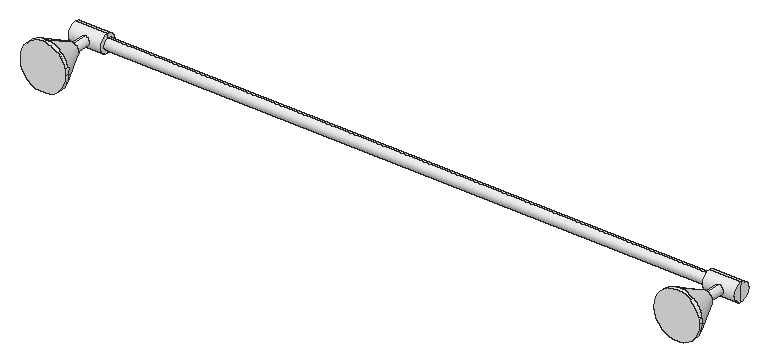
Revit family
Parameters (values of type "Instance")
  Width [instance] = 900.00 mm
  Middle bracket [instance] = no
  Material = none
Reference planes
  plane 1 "Wall": y = 0
  plane 2 "Center (Left/Right)": x = 152.787
  plane 3 "Back": y = 75
  plane 4: z = 0
  plane 5 "Back rail": y = 160.95
  plane 6 "Rail left": x = -274.713
  plane 7 "Rail Right": x = 580.287
  plane 8 "Angle bracket": through (0, 80.477, -80.477) normal (0, 0.7071, -0.7071)
  plane 9: through (0, 140.581, -140.581) normal (0, 0.7071, -0.7071)
  plane 10: x = -297.213
  plane 11 "Right": x = 602.787
  plane 12 "Front ral": y = 221.05
  plane 13 "Bottom rail": z = -60.1
Forms (mm)
  Revolve 1, solid
    sketch origin (0, 160.95, 0) x (1, 0, 0) y (0, 0, 1)
      loop
        line (580.287, 7.5) -> (-274.713, 7.5) -> (-274.713, 0) -> (580.287, 0) -> (580.287, 7.5)
      axis (580.287, 0) -> (-274.713, 0)
    angle from 0 to 360
Text (mm)
  text "Placement side" at (-1651.265, 1288.008, 0), in view "Ref. Level"
  text "Placement side" at (0, 468.753, 183.852), in view "Left"
  text "Placement side" at (0, 499.811, 2980.732), in view "Right"
Dimensions and locks
  locked: plane 3 "Back" to host wall
  equal spacing: plane 10, plane 2 "Center (Left/Right)", plane 11 "Right"
  locked: level to plane 4 at 0
  locked: plane 10 to plane 6 "Rail left" at 22.5
  locked: plane 7 "Rail Right" to plane 11 "Right" at 22.5
  "Width": plane 10 to plane 11 "Right"
  locked: plane 3 "Back" to plane 5 "Back rail" at 85.95
  locked: plane 3 "Back" to plane 12 "Front ral" at 146.05
  plane 4 to Revolve 1 sketch curve = 7.50 mm
  aligned and locked: plane 1 "Wall" to host wall
  aligned and locked: plane 4 to nested 1
  aligned and locked: plane 4 to nested 2
  aligned and locked: nested 2 to plane 10
  aligned and locked: nested 1 to plane 11 "Right"
  aligned and locked: plane 7 "Rail Right" to Revolve 1 sketch curve
  aligned and locked: plane 6 "Rail left" to Revolve 1 sketch curve
  aligned and locked: Revolve 1 sketch curve to plane 4  (x2)
  aligned and locked: plane 2 "Center (Left/Right)" to nested 3
  aligned and locked: plane 4 to nested 3
Automatic sketch dimensions
  plane 10 to Revolve 1 sketch curve = 1646.683 mm
  Revolve 1 sketch curve to plane 11 "Right" = 1647.076 mm
Nested families
  nested 1: "au.Towell rail - Sgl bracket" at (450, 0, 0), type "Type 1"
  nested 2: "au.Towell rail - Sgl bracket" at (-450, 0, 0), type "Type 1"
  nested 3: "au.Towell rail - Sgl bracket" at (0, 0, 0), visible <- "Middle bracket", type "Type 1"
Definition of nested family "au.Towell rail - Sgl bracket"
  Parameters (values of type "Type 1")
    r = 32.50 mm
    Material = none
  Reference planes
    plane 1 "Wall": y = 0
    plane 2 "Center (Left/Right)": x = 152.787
    plane 3 "Back": y = 75
    plane 4 "Center (Elevation)": z = 0
    plane 5: y = 80
    plane 6: y = 125
    plane 7: y = 150
    plane 8 "Rail left": x = 130.287
    plane 9 "Rail Right": x = 175.287
    plane 10 "Back rail": y = 160.953
    plane 11: x = 120.287
    plane 12 "Right": x = 185.287
  Forms (mm)
    Revolve 1, solid
      sketch origin (152.787, 0, 0) x (0, 1, 0) y (0, 0, 1)
        loop
          line (80, 32.5) -> (80, 0) -> (150, 0) -> (150, 6) -> (125, 6) -> (125, 10) -> (80, 32.5)
        axis (150, 0) -> (80, 0)
      angle from 0 to 360
    Revolve 2, solid
      sketch origin (0, 160.953, 0) x (1, 0, 0) y (0, 0, 1)
        loop
          line (175.287, 12.5) -> (130.287, 12.5) -> (130.287, 0) -> (175.287, 0) -> (175.287, 12.5)
        axis (175.287, 0) -> (130.287, 0)
      angle from 0 to 360
    Extrusion 3, solid
      sketch origin (0, 75, 0) x (1, 0, 0) y (0, 0, 1)
        loop
          circle (152.787, 0) r 32.5
      from -5 to 0
  Cuts and joins
    joined: Revolve 1, Revolve 2, Extrusion 3
  Lines and regions (mm)
    model lines, style "InvisibleLines"
      curve 1: line (152.787, 160.953, 0) -> (152.787, 75, 0)
  Text (mm)
    text "Placement side" at (-25.401, 110.832, 0), in view "Ref. Level"
    text "Placement side" at (0, 468.753, 183.852), in view "Left"
    text "Placement side" at (0, 499.811, 2980.732), in view "Right"
  Dimensions and locks
    host wall to plane 3 "Back" = 0.00 mm
    plane 8 "Rail left" to plane 2 "Center (Left/Right)" to plane 9 "Rail Right" = 22.50 mm locked, 22.50 mm locked
    plane 2 "Center (Left/Right)" to plane 12 "Right" = 32.50 mm
    plane 11 to plane 2 "Center (Left/Right)" = 32.50 mm
    locked: level to plane 4 "Center (Elevation)" at 0
    locked: plane 4 "Center (Elevation)" to Revolve 2 sketch curve at 12.5
    locked: plane 3 "Back" to plane 5 at 5
    locked: plane 5 to plane 6 at 45
    locked: plane 6 to plane 7 at 25
    locked: plane 3 "Back" to plane 10 "Back rail" at 85.953
    locked: host wall to plane 3 "Back"
    "r": radius of Extrusion 3 sketch curve
    aligned and locked: plane 1 "Wall" to host wall
    aligned and locked: plane 3 "Back" to Extrusion 3
    aligned and locked: Extrusion 3 to plane 5
  Automatic sketch dimensions
    curve 1 to host wall = 0.00 mm
    curve 1 to level = 0.00 mm
    curve 1 to plane 10 "Back rail" = 0.00 mm
    Revolve 1 sketch curve to level = 0.00 mm  (x2)
    Revolve 1 sketch curve to plane 5 = 0.00 mm
    Revolve 1 sketch curve to plane 6 = 0.00 mm
    Revolve 1 sketch curve to plane 7 = 0.00 mm
    host wall to Revolve 1 sketch curve = 137.259 mm
    Revolve 1 sketch curve to plane 10 "Back rail" = 255.339 mm
    Revolve 1 sketch curve to Revolve 1 sketch curve = 6.00 mm
    Revolve 1 sketch curve to Revolve 1 sketch curve = 4.00 mm
    Revolve 1 sketch curve to Revolve 1 sketch curve = 32.50 mm
    Revolve 2 sketch curve to level = 0.00 mm  (x2)
    Revolve 2 sketch curve to plane 8 "Rail left" = 0.00 mm
    Revolve 2 sketch curve to plane 9 "Rail Right" = 0.00 mm
    plane 11 to Revolve 2 sketch curve = 148.521 mm
    Revolve 2 sketch curve to plane 12 "Right" = 89.607 mm
    Extrusion 3 sketch curve to level = 0.00 mm
    Extrusion 3 sketch curve to plane 2 "Center (Left/Right)" = 0.00 mm
